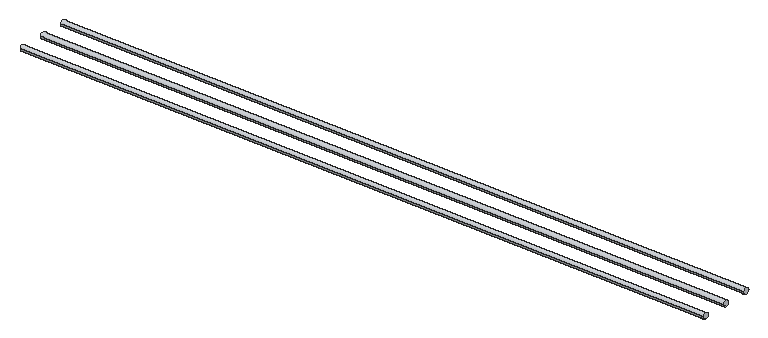
Revit family "PGS_Перемычка_Стержни_v0.1", category Generic Models, host Wall, Revit 2022
Family settings
  Host = Wall
  Can host rebar = No
  Round Connector Dimension = Use Diameter
  Part Type = Normal
  Always vertical = Yes
  Cut with Voids When Loaded = No
  Maintain Annotation Orientation = No
  Shared = Yes
  Room Calculation Point = No
Parameters (values of type "Тип 1")
  Ширина проема [instance] = 1120 mm
  Шаг стержней [instance] = 60 mm
  Толщина стены [instance] = 150 mm
  Смещение оси 1 стержня [instance] = (Толщина стены - rounddown((Толщина стены - ADSK_Размер_Диаметр) / Шаг стержней) * Шаг стержней) / 2  # 15 mm
  Отметка перемычки [instance] = 2400 mm
  Рзм.ПогМетрыВкл = no
  Default Elevation = 0 mm
  Орг.ТипВключатьВСпецификацию [instance] = no
  Орг.ИзделиеТипПодсчета = 200  # constant formula
  Description = "Перемычка"  # constant formula
  Опирание справа [instance] = 250 mm
  Опирание слева [instance] = 250 mm
  Мрк.МаркаКонструкции [instance] = ""
  Колво стержней [instance] = rounddown((Толщина стены - ADSK_Размер_Диаметр) / Шаг стержней) + 1 + if(Вкл доборный, 1, 0)  # 3
  Длина арматурных стержней [instance] = Ширина проема + Опирание слева + Опирание справа  # 1620 mm
  Вкл доборный = no
  m1_1 [instance] = round(m1 / 0.001 kg) * 0.001 kg * Колво стержней  # 4.314 kg
  m1 [instance] = (pi() * (ADSK_Размер_Диаметр / 2) ^ 2) * Длина арматурных стержней * 7850.0000 kg/m³  # 1.43826 kg
  PGS_МаркаПеремычки [instance] = ""
  ADSK_Толщина стены [instance] = Толщина стены  # 150 mm
  ADSK_Размер_Диаметр [instance] = 12 mm
  ADSK_Примечание [instance] = ""
  ADSK_Предел огнестойкости = ""
  ADSK_Позиция [instance] = ""
  ADSK_Обозначение = ""
  ADSK_Наименование = ""
  ADSK_Масса элемента [instance] = m1_1  # 4.314 kg
  ADSK_Масса на единицу длины = 0.00 kg/m
  ADSK_Масса = 0
  ADSK_Марка = ""
  ADSK_Количество = 1
  ADSK_Код изделия = ""
  ADSK_Зона [instance] = ""
  ADSK_Завод-изготовитель = ""
  ADSK_Единица измерения = ""
  ADSK_URL страницы изделия = ""
  ADSK_URL документации изделия = ""
Reference planes
  plane 1 "Стена": y = 0
  plane 2 "По центру (Влево/Вправо)": x = 125
  plane 3 "Сзади": y = 75
  plane 4: x = -435
  plane 5: x = 685
  plane 6: y = -75
  plane 7: z = 2400
  plane 8: z = 0
  plane 9: x = -685
  plane 10: x = 935
Lines and regions (mm)
  model lines
    curve 1: line (125, 0, 2400) -> (125, 0, 0)
Text (mm)
  text "Сторона размещения" at (-3617.723, 1769.378, 0), in view "Опорный уровень"
  text "Сторона размещения" at (0, 1409.804, 2854.306), in view "Слева"
  text "Сторона размещения" at (0, 499.811, 2980.732), in view "Справа"
Dimensions and locks
  locked: plane 3 "Сзади" to host wall
  equal spacing: plane 4, plane 2 "По центру (Влево/Вправо)", plane 5
  "Ширина проема": plane 4 to plane 5
  "Отметка перемычки": plane 8 to plane 7
  "Опирание слева": plane 9 to plane 4
  "Опирание справа": plane 5 to plane 10
  "Смещение оси 1 стержня": nested 1 to plane 3 "Сзади"
  "Толщина стены": host wall to host wall
  aligned and locked: plane 1 "Стена" to host wall
  aligned and locked: level to plane 8
  aligned and locked: plane 7 to curve 1
  aligned and locked: plane 8 to curve 1
  aligned and locked: plane 2 "По центру (Влево/Вправо)" to curve 1
  aligned and locked: nested 1 to plane 2 "По центру (Влево/Вправо)"
  aligned and locked: plane 7 to nested 3
  aligned and locked: plane 7 to nested 1
  aligned and locked: nested 4 to plane 7  (x2)
  aligned and locked: plane 7 to nested 4
  aligned and locked: nested 3 to plane 7
  aligned and locked: nested 2 to plane 7
Automatic sketch dimensions
  curve 1 to host wall = 0 mm
Nested families
  nested 1: "350_Ряд стержней прямых горизонтально (НесАрм_РабПлоск)" at (935, 60, 2400) x (-1, 0, 0) z (0, 0, 1), ADSK_Шаг элементов <- "Шаг стержней", Орг.ТипВключатьВСпецификацию <- "Орг.ТипВключатьВСпецификацию", Мрк.МаркаКонструкции <- "Мрк.МаркаКонструкции", Рзм.ПогМетрыВкл <- "Рзм.ПогМетрыВкл", ADSK_Размер_Диаметр <- "ADSK_Размер_Диаметр", Вкл доборный <- "Вкл доборный", ADSK_Размер_Длина <- "Длина арматурных стержней", ADSK_Размер_Ширина <- "Толщина стены", type "350_Ряд стержней прямых горизонтально (НесАрм_РабПлоск)"
    with Рзм.ПогМетрыВкл no, Орг.ТипВключатьВСпецификацию no, Орг.ИзделиеТипПодсчета 0, Орг.ЗонаРасположения "", Орг.ГлавнаяДетальСборки no, Мрк.ПозАрмДиаметр 12 mm, Мрк.ОбозначениеИзделия "", Мрк.НаименованиеИзделия "", Мрк.МаркаКонструкции "", Мрк.МаркаИзделия "", Колво массива 3, Вкл доборный no, Арм_L 1620 mm, Арм.КлассЧисло 500, PGS_МаркаПеремычки "", ADSK_Шаг элементов 60 mm, ADSK_Размер_Ширина 150 mm, ADSK_Размер_Длина 1620 mm, ADSK_Размер_Диаметр 12 mm, ADSK_Обозначение "ГОСТ 34028-2016", ADSK_Наименование "А500С", ADSK_Материал none, ADSK_Количество 3
  nested 2: "Стержень" at (935, -60, 2400) x (-1, 0, 0) z (0, 0, 1), type "Стержень"
    with Орг.ТипВключатьВСпецификацию no, Орг.ИзделиеТипПодсчета 100, Мрк.МаркаКонструкции "", PGS_МаркаПеремычки "", ADSK_Размер_Длина 1620 mm, ADSK_Размер_Диаметр 12 mm, ADSK_Обозначение "ГОСТ 34028-2016", ADSK_Наименование "А500С", ADSK_Материал none, ADSK_Масса элемента 1.43826 kg
  nested 3: "Стержень" at (935, 0, 2400) x (-1, 0, 0) z (0, 0, 1), type "Стержень"
    with Орг.ТипВключатьВСпецификацию no, Орг.ИзделиеТипПодсчета 100, Мрк.МаркаКонструкции "", PGS_МаркаПеремычки "", ADSK_Размер_Длина 1620 mm, ADSK_Размер_Диаметр 12 mm, ADSK_Обозначение "ГОСТ 34028-2016", ADSK_Наименование "А500С", ADSK_Материал none, ADSK_Масса элемента 1.43826 kg
  nested 4: "Стержень" at (935, 60, 2400) x (-1, 0, 0) z (0, 0, 1), type "Стержень"
    with Орг.ТипВключатьВСпецификацию no, Орг.ИзделиеТипПодсчета 100, Мрк.МаркаКонструкции "", PGS_МаркаПеремычки "", ADSK_Размер_Длина 1620 mm, ADSK_Размер_Диаметр 12 mm, ADSK_Обозначение "ГОСТ 34028-2016", ADSK_Наименование "А500С", ADSK_Материал none, ADSK_Масса элемента 1.43826 kg
Definition of nested family "Стержень"
  Parameters (values of type "Стержень")
    Орг.ТипВключатьВСпецификацию [instance] = yes
    Орг.ИзделиеТипПодсчета [instance] = 100  # constant formula
    Description = ""
    Мрк.МаркаКонструкции [instance] = ""
    PGS_МаркаПеремычки [instance] = ""
    ADSK_Размер_Длина [instance] = 1060 mm
    ADSK_Размер_Диаметр [instance] = 20 mm
    Default Elevation = 1219.2 mm
    ADSK_Обозначение [instance] = "ГОСТ 34028-2016"  # constant formula
    ADSK_Наименование [instance] = "А500С"  # constant formula
    ADSK_Материал [instance] = none
    ADSK_Масса элемента [instance] = (pi() * (ADSK_Размер_Диаметр / 2) ^ 2) * ADSK_Размер_Длина * 7850.0000 kg/m³ / 0.001 * 0.001  # 2.61412 kg
  Reference planes
    plane 1: y = 0
    plane 2: z = 0
    plane 3 "Влево-вправо": x = 0
    plane 4: x = 1060
  Forms (mm)
    Sweep 1, solid, material <- "ADSK_Материал", detail levels medium+fine
      path origin (0, 0, 0) x (1, 0, 0) y (0, 1, 0)
        loop
          line (0, 0) -> (1060, 0)
      profile origin (530, 0, 0) x (0, 1, 0) y (0, 0, 1)
        loop
          circle (0, 0) r 10
  Lines and regions (mm)
    model lines, detail levels coarse
      curve 1: line (0, 0, 0) -> (1060, 0, 0)
    symbolic lines, detail levels coarse
      curve 2: circle (0, 0, 0) r 10 normal (1, 0, 0)
    model lines
      curve 3: line (0, 0, 0) -> (1060, 0, 0)
  Dimensions and locks
    "ADSK_Размер_Длина": plane 3 "Влево-вправо" to plane 4
    "ADSK_Размер_Диаметр": diameter of Sweep 1 sketch curve
    "ADSK_Размер_Диаметр": diameter of curve 2
    aligned and locked: plane 4 to Sweep 1 sketch curve
    aligned and locked: plane 3 "Влево-вправо" to Sweep 1 sketch curve
    aligned and locked: plane 1 to Sweep 1 sketch curve
    aligned and locked: plane 4 to curve 1
    aligned and locked: plane 3 "Влево-вправо" to curve 1
    aligned and locked: plane 1 to curve 1
    aligned and locked: plane 3 "Влево-вправо" to curve 3
    aligned and locked: plane 4 to curve 3
    aligned and locked: plane 1 to curve 3
  Automatic sketch dimensions
    Sweep 1 sketch curve to level = 0 mm
    Sweep 1 sketch curve to profile plane = 0 mm
    curve 2 to plane 1 = 0 mm
    curve 2 to plane 2 = 0 mm
Definition of nested family "350_Ряд стержней прямых горизонтально (НесАрм_РабПлоск)"
  Parameters (values of type "350_Ряд стержней прямых горизонтально (НесАрм_РабПлоск)")
    ADSK_Размер_Ширина [instance] = 1057.071 mm
    Рзм.ПогМетрыВкл [instance] = no
    Орг.ТипВключатьВСпецификацию [instance] = no
    PGS_МаркаПеремычки [instance] = ""
    ADSK_Размер_Длина [instance] = 1930.842 mm
    ADSK_Размер_Диаметр [instance] = 32 mm
    Default Elevation = 1219.2 mm
    Орг.ИзделиеТипПодсчета [instance] = 0  # constant formula
    Орг.ГлавнаяДетальСборки [instance] = no
    ADSK_Обозначение [instance] = if(Арм.КлассЧисло > 200, "ГОСТ 34028-2016", "ГОСТ 6727-80")  # "ГОСТ 34028-2016"
    ADSK_Наименование [instance] = if(Арм.КлассЧисло = 240, "А420", if(Арм.КлассЧисло = 400, "А400", if(Арм.КлассЧисло = 500, "А500С", if(Арм.КлассЧисло = 501, "А500С", if(Арм.КлассЧисло = 502, "А500СП", if(Арм.КлассЧисло = 503, "А500Т", "Арм"))))))  # "А500С"
    ADSK_Материал [instance] = none
    ADSK_Количество [instance] = Колво массива + if(Вкл доборный, 1, 0)  # 4
    ADSK_Шаг элементов [instance] = 455.442 mm
    Мрк.ПозАрмДиаметр [instance] = ADSK_Размер_Диаметр  # 32 mm
    Мрк.ОбозначениеИзделия [instance] = ""
    Мрк.НаименованиеИзделия [instance] = ""
    Мрк.МаркаКонструкции [instance] = ""
    Мрк.МаркаИзделия [instance] = ""
    Колво массива [instance] = rounddown((ADSK_Размер_Ширина - ADSK_Размер_Диаметр) / ADSK_Шаг элементов) + 1  # 3
    Арм_L [instance] = ADSK_Размер_Длина  # 1930.842 mm
    Арм.ВыполненаСемейством = 1 = 1  # yes
    Вкл доборный [instance] = yes
    Арм.ЭскизВкл = 1 = 2  # no
    Арм.КлассЧисло [instance] = 500
    Орг.ЗонаРасположения [instance] = ""
    RBS_VERSION = 2  # constant formula
    RBS_GUID = "92cce507-3d81-455d-8162-75f559c0da28"  # constant formula
    ADSK_Группирование = "Вложенное"  # constant formula
  Reference planes
    plane 1: y = 0
    plane 2: z = 0
    plane 3: x = 0
    plane 4: x = 1930.842
    plane 5: y = 1057.071
    plane 6: y = 455.442
    plane 7: y = 0
    plane 8: y = 910.885
    plane 9: x = 965.421
  Dimensions and locks
    "ADSK_Размер_Длина": plane 3 to plane 4
    equal spacing: group 1, group 2, group 3  (x3)
    "ADSK_Размер_Ширина": plane 1 to plane 5
    "ADSK_Шаг элементов": plane 1 to plane 6
    equal spacing: plane 3, plane 9, plane 4
    aligned and locked: plane 3 to nested 1
    aligned and locked: plane 3 to nested 2
    aligned and locked: plane 3 to nested 3
    aligned and locked: nested 3 to plane 5
    aligned and locked: plane 1 to plane 7
  Nested families
    nested 1: "Стержень" at (0, 0, 0), ADSK_Размер_Диаметр <- "ADSK_Размер_Диаметр", ADSK_Размер_Длина <- "ADSK_Размер_Длина", ADSK_Материал <- "ADSK_Материал", Мрк.МаркаКонструкции <- "Мрк.МаркаКонструкции", Орг.ТипВключатьВСпецификацию <- "Орг.ТипВключатьВСпецификацию", type "Стержень"
      with Орг.ТипВключатьВСпецификацию no, Орг.ИзделиеТипПодсчета 100, Мрк.МаркаКонструкции "", PGS_МаркаПеремычки "", ADSK_Размер_Длина 1930.842 mm, ADSK_Размер_Диаметр 32 mm, ADSK_Обозначение "ГОСТ 34028-2016", ADSK_Наименование "А500С", ADSK_Материал none, ADSK_Масса элемента 12.1901 kg
    nested 2: "Стержень" at (0, 455.442, 0), ADSK_Размер_Диаметр <- "ADSK_Размер_Диаметр", ADSK_Размер_Длина <- "ADSK_Размер_Длина", ADSK_Материал <- "ADSK_Материал", Мрк.МаркаКонструкции <- "Мрк.МаркаКонструкции", Орг.ТипВключатьВСпецификацию <- "Орг.ТипВключатьВСпецификацию", type "Стержень"
      with Орг.ТипВключатьВСпецификацию no, Орг.ИзделиеТипПодсчета 100, Мрк.МаркаКонструкции "", PGS_МаркаПеремычки "", ADSK_Размер_Длина 1930.842 mm, ADSK_Размер_Диаметр 32 mm, ADSK_Обозначение "ГОСТ 34028-2016", ADSK_Наименование "А500С", ADSK_Материал none, ADSK_Масса элемента 12.1901 kg
    nested 3: "Стержень" at (0, 1057.071, 0), ADSK_Размер_Диаметр <- "ADSK_Размер_Диаметр", ADSK_Размер_Длина <- "ADSK_Размер_Длина", ADSK_Материал <- "ADSK_Материал", visible <- "Вкл доборный", Мрк.МаркаКонструкции <- "Мрк.МаркаКонструкции", Орг.ТипВключатьВСпецификацию <- "Орг.ТипВключатьВСпецификацию", type "Стержень"
      with Орг.ТипВключатьВСпецификацию no, Орг.ИзделиеТипПодсчета 100, Мрк.МаркаКонструкции "", PGS_МаркаПеремычки "", ADSK_Размер_Длина 1930.842 mm, ADSK_Размер_Диаметр 32 mm, ADSK_Обозначение "ГОСТ 34028-2016", ADSK_Наименование "А500С", ADSK_Материал none, ADSK_Масса элемента 12.1901 kg
    nested 4: "Стержень" at (0, 910.885, 0), ADSK_Размер_Диаметр <- "ADSK_Размер_Диаметр", ADSK_Размер_Длина <- "ADSK_Размер_Длина", ADSK_Материал <- "ADSK_Материал", Мрк.МаркаКонструкции <- "Мрк.МаркаКонструкции", Орг.ТипВключатьВСпецификацию <- "Орг.ТипВключатьВСпецификацию", type "Стержень"
      with Орг.ТипВключатьВСпецификацию no, Орг.ИзделиеТипПодсчета 100, Мрк.МаркаКонструкции "", PGS_МаркаПеремычки "", ADSK_Размер_Длина 1930.842 mm, ADSK_Размер_Диаметр 32 mm, ADSK_Обозначение "ГОСТ 34028-2016", ADSK_Наименование "А500С", ADSK_Материал none, ADSK_Масса элемента 12.1901 kg
  Definition of nested family "Стержень"
    Parameters (values of type "Стержень")
      Орг.ТипВключатьВСпецификацию [instance] = yes
      Орг.ИзделиеТипПодсчета [instance] = 100  # constant formula
      Description = ""
      Мрк.МаркаКонструкции [instance] = ""
      PGS_МаркаПеремычки [instance] = ""
      ADSK_Размер_Длина [instance] = 1060 mm
      ADSK_Размер_Диаметр [instance] = 20 mm
      Default Elevation = 1219.2 mm
      ADSK_Обозначение [instance] = "ГОСТ 34028-2016"  # constant formula
      ADSK_Наименование [instance] = "А500С"  # constant formula
      ADSK_Материал [instance] = none
      ADSK_Масса элемента [instance] = (pi() * (ADSK_Размер_Диаметр / 2) ^ 2) * ADSK_Размер_Длина * 7850.0000 kg/m³ / 0.001 * 0.001  # 2.61412 kg
    Reference planes
      plane 1: y = 0
      plane 2: z = 0
      plane 3 "Влево-вправо": x = 0
      plane 4: x = 1060
    Forms (mm)
      Sweep 1, solid, material <- "ADSK_Материал", detail levels medium+fine
        path origin (0, 0, 0) x (1, 0, 0) y (0, 1, 0)
          loop
            line (0, 0) -> (1060, 0)
        profile origin (530, 0, 0) x (0, 1, 0) y (0, 0, 1)
          loop
            circle (0, 0) r 10
    Lines and regions (mm)
      model lines, detail levels coarse
        curve 1: line (0, 0, 0) -> (1060, 0, 0)
      symbolic lines, detail levels coarse
        curve 2: circle (0, 0, 0) r 10 normal (1, 0, 0)
      model lines
        curve 3: line (0, 0, 0) -> (1060, 0, 0)
    Dimensions and locks
      "ADSK_Размер_Длина": plane 3 "Влево-вправо" to plane 4
      "ADSK_Размер_Диаметр": diameter of Sweep 1 sketch curve
      "ADSK_Размер_Диаметр": diameter of curve 2
      aligned and locked: plane 4 to Sweep 1 sketch curve
      aligned and locked: plane 3 "Влево-вправо" to Sweep 1 sketch curve
      aligned and locked: plane 1 to Sweep 1 sketch curve
      aligned and locked: plane 4 to curve 1
      aligned and locked: plane 3 "Влево-вправо" to curve 1
      aligned and locked: plane 1 to curve 1
      aligned and locked: plane 3 "Влево-вправо" to curve 3
      aligned and locked: plane 4 to curve 3
      aligned and locked: plane 1 to curve 3
    Automatic sketch dimensions
      Sweep 1 sketch curve to level = 0 mm
      Sweep 1 sketch curve to profile plane = 0 mm
      curve 2 to plane 1 = 0 mm
      curve 2 to plane 2 = 0 mm
